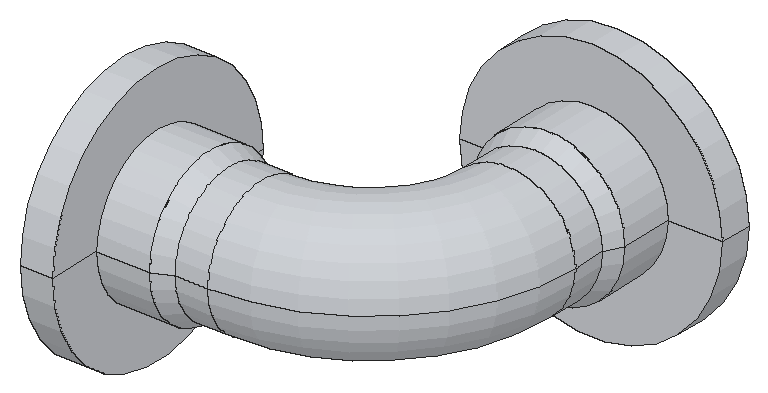
Revit family "da49b3fc36b04b8392773f37b7e509c7", category Pipe Fittings, Revit 2021
Family settings
  Round Connector Dimension = Use Radius
  Part Type = Elbow
  OmniClass Number = 23.60.30.11.14
  OmniClass Title = Pipework Fittings
  Seek Item ID = Elbow - Threaded - MI - Class 300-0000-USA-ENU
  Work Plane-Based = No
  Always vertical = Yes
  Cut with Voids When Loaded = No
  Shared = No
Parameters (values of type "Standard")
  Tick Size [instance] = Fitting Outside Diameter * 0.4  # 1.5840"
  Socket Outside Radius [instance] = Socket Outside Diameter / 2  # 2.2400"
  Socket Outside Diameter [instance] = size_lookup(Lookup Table Name, "SOD", 1.08 * Nominal Diameter + 1.1200", Nominal Diameter)  # 4.4800"
  Socket Depth [instance] = if(Nominal Diameter < 14.0000", 2.5000", if(Nominal Diameter < 30.0000", 3.5000", 4.0000"))  # 2.5000"
  Lookup Table Name = "Bend - MJ - GI - Class 250"
  Length 5 [instance] = Length 4 + Bevel Length + Socket Depth  # 4.0000"
  Length 4 [instance] = if(Center to Socket Bottom < (Bevel Length + Length 1), 0.5000", Center to Socket Bottom - Bevel Length - Length 1)  # 0.9800"
  Length 3 [instance] = sin(Angle) * (Center to Socket Bottom + Socket Depth)  # 8.0000"
  Length 2 [instance] = cos(Angle) * (Center to Socket Bottom + Socket Depth)  # 0.0000"
  Length 1 [instance] = tan(Angle / 2) * Center Radius  # 4.0000"
  Fitting Outside Radius [instance] = Fitting Outside Diameter / 2  # 1.9800"
  Fitting Outside Diameter [instance] = size_lookup(Lookup Table Name, "FOD", 1.04 * Nominal Diameter + 0.7000", Nominal Diameter)  # 3.9600"
  Nominal Radius [instance] = 1.5000"
  Nominal Diameter [instance] = Nominal Radius * 2  # 3.0000"
  Loss Method = K Coefficient from Table
  K Coefficient Table = "Long Radius Elbow"
  Default Elevation = 0.0000"
  Bevel Length [instance] = size_lookup(Lookup Table Name, "BvLgt", 0.04 * Nominal Diameter + 0.4300", Nominal Diameter)  # 0.5200"
  Center to Socket Bottom [instance] = size_lookup(Lookup Table Name, "CtSB", Center to Socket Bottom Not Found, Nominal Diameter, Angle 1)  # 5.5000"
  Center to Socket Bottom Not Found [instance] = if(Nominal Diameter < 30.0000", tan(Angle / 2) * Center Radius + Bevel Length + 1.0000", tan(Angle / 2) * Center Radius + Bevel Length + 6.0000")  # 5.5200"
  Center Radius [instance] = size_lookup(Lookup Table Name, "CRad", 0.69 * Nominal Diameter + 1.8100", Nominal Diameter, Angle 1)  # 4.0000"
  Gland Width [instance] = size_lookup(Lookup Table Name, "GWid", 0.03 * Nominal Diameter + 0.9400", Nominal Diameter)  # 0.9400"
  Gland Outside Radius [instance] = Gland Outside Diameter / 2  # 3.8450"
  Gland Outside Diameter [instance] = size_lookup(Lookup Table Name, "GOD", 1.16 * Nominal Diameter + 4.0300", Nominal Diameter)  # 7.6900"
  Assembly Code = ""
  Angle 1 [instance] = if(or(Angle < 11.25°, Angle = 11.25°), 11.25°, if(or(Angle < 22.50°, Angle = 22.50°), 22.50°, if(or(Angle < 45.00°, Angle = 45.00°), 45.00°, Angle)))  # 90.00°
  Angle [instance] = 90.00°
Reference planes (in)
  plane 1 "Center (Front/Back)": y = 0
  plane 2: z = 0
  plane 3 "Center (Left/Right)": x = 0
  plane 4: x = -4
  plane 5: x = -4.98
  plane 6: y = 4
  plane 7: y = 1.584
  plane 8: y = -1.584
  plane 9: x = 0
  plane 10: y = 8
  plane 11: x = -8
  plane 12: x = -7.06
  plane 13: y = 3.845
  plane 14: y = 2.24
  plane 15: y = 1.98
  plane 16: x = -5.5
Forms (in)
  Revolve 1, solid, detail levels fine
    sketch origin (0, 8, 0) x (0, -1, 0) y (1, 0, 0)
      loop
        line (0, 0) -> (0, -3.845) -> (0.94, -3.845) -> (0.94, -2.24) -> (2.5, -2.24) -> (3.02, -1.98) -> (4, -1.98) -> (4, 0) -> (0, 0)
      axis (0, 0) -> (4, 0)
    angle from 0 to 360
  Revolve 2, solid, detail levels fine
    sketch origin (0, 0, 0) x (1, 0, 0) y (0, 1, 0)
      loop
        line (-8, 0) -> (-4, 0) -> (-4, 1.98) -> (-4.98, 1.98) -> (-5.5, 2.24) -> (-7.06, 2.24) -> (-7.06, 3.845) -> (-8, 3.845) -> (-8, 0)
      axis (-8, 0) -> (-4, 0)
    angle from 0 to 360
  Sweep 3, solid, detail levels fine
    path origin (0, 8, 0) x (0, -1, 0) y (1, 0, 0)
      loop
        arc (8, -4) -> (6.82843, -1.17157) -> (4, 0) r 4
    profile origin (-1.17157, 1.17157, 0) x (-0.707107, 0.707107, 0) y (0, 0, 1)
      loop
        circle (0, 0) r 1.98
  Sweep 4, solid, detail levels fine
    path in 3D
      loop
        arc (-4, 0, 0) -> (-1.17157, 1.17157, 0) -> (0, 4, 0) r 4
    profile origin (-1.17157, 1.17157, 0) x (-0.707107, 0.707107, 0) y (0, 0, 1)
      loop
        circle (0, 0) r 1.98
Cuts and joins
  joined: Revolve 1, Revolve 2, Sweep 3
Lines and regions (in)
  model lines, style "PipeFitting", detail levels coarse+medium
    curve 1: line (-8, 0, 0) -> (-4, 0, 0)
    curve 2: line (0, 4, 0) -> (0, 8, 0)
  model lines, detail levels coarse+medium
    curve 3: line (-8, 0, 0) -> (-8, 1.584, 0)
    curve 4: line (-8, 0, 0) -> (-8, -1.584, 0)
    curve 5: line (0, 8, 0) -> (-1.584, 8, 0)
    curve 6: line (0, 8, 0) -> (1.584, 8, 0)
    curve 8: arc (-4, 0, 0) -> (-1.17157, 1.17157, 0) -> (0, 4, 0) r 4
  reference lines, not visible
    curve 7: line (0, 8, 0) -> (0, 0.68528, 0)
  sketch lines
    curve 9: arc (-4, 0, 0) -> (-1.17157, 1.17157, 0) -> (0, 4, 0) r 4
Dimensions and locks (in)
  "Center Radius": plane 6 to plane 1 "Center (Front/Back)"
  "Tick Size": plane 7 to plane 1 "Center (Front/Back)"
  "Tick Size": plane 8 to plane 1 "Center (Front/Back)"
  "Tick Size": curve 5 to curve 5
  "Tick Size": curve 6 to curve 6
  "Socket Outside Radius": Revolve 1 sketch curve to Revolve 1 sketch curve
  "Gland Width": Revolve 1 sketch curve to Revolve 1 sketch curve
  "Fitting Outside Radius": Revolve 1 sketch curve to Revolve 1 sketch curve
  "Gland Outside Radius": Revolve 1 sketch curve to Revolve 1 sketch curve
  "Socket Depth": Revolve 1 sketch curve to Revolve 1 sketch curve
  "Length 1": plane 4 to plane 3 "Center (Left/Right)"
  "Length 3": plane 10 to plane 1 "Center (Front/Back)"
  "Gland Width": plane 11 to plane 12
  "Fitting Outside Radius": plane 15 to plane 1 "Center (Front/Back)"
  "Socket Outside Radius": plane 14 to plane 1 "Center (Front/Back)"
  "Gland Outside Radius": plane 13 to plane 1 "Center (Front/Back)"
  "Bevel Length": plane 16 to plane 5
  "Socket Depth": plane 11 to plane 16
  "Center to Socket Bottom": plane 16 to plane 3 "Center (Left/Right)"
  "Length 2": plane 3 "Center (Left/Right)" to plane 9
  "Length 5": Revolve 1 sketch curve to Revolve 1 sketch curve
  "Length 4": Revolve 1 sketch curve to Revolve 1 sketch curve
  "Length 5": curve 2 to curve 2
  "Fitting Outside Radius": radius of Sweep 3 sketch curve
  "Center Radius": radius of curve 8
  "Fitting Outside Radius": radius of Sweep 4 sketch curve
  "Angle": angle plane 1 "Center (Front/Back)" to curve 2
  locked: curve 6 to curve 2 (angle 90.00°)
  locked: curve 2 to curve 5 (angle 90.00°)
  "Angle": angle plane 10 to curve 7
  "Angle": angle curve 8 to curve 8
  aligned and locked: plane 7 to curve 3
  aligned and locked: plane 1 "Center (Front/Back)" to curve 4
  aligned and locked: plane 8 to curve 4
  aligned and locked: plane 9 to curve 7
  aligned and locked: plane 10 to curve 7
  aligned and locked: Revolve 1 sketch curve to curve 7
  aligned and locked: curve 4 to plane 11
  aligned and locked: plane 13 to Revolve 2 sketch curve
  aligned and locked: plane 11 to Revolve 2 sketch curve
  aligned and locked: Revolve 2 sketch curve to plane 12
  aligned and locked: plane 14 to Revolve 2 sketch curve
  aligned and locked: Revolve 2 sketch curve to plane 4
  aligned and locked: plane 16 to Revolve 2 sketch curve
  aligned and locked: plane 5 to Revolve 2 sketch curve
  aligned and locked: Revolve 2 sketch curve to plane 15
  aligned and locked: plane 6 to Sweep 3 sketch curve
  aligned and locked: plane 4 to Sweep 3 sketch curve
  aligned and locked: cut or joined group of Revolve 1, Revolve 2, Sweep 3 to Sweep 3 sketch curve  (x2)
  aligned and locked: plane 2 to Sweep 3 sketch curve
  aligned and locked: plane 6 to curve 8
  aligned and locked: plane 4 to curve 8
  aligned and locked: plane 2 to Sweep 4 sketch curve
Automatic sketch dimensions
  curve 2 to plane 10 = 0.0000"
  plane 1 "Center (Front/Back)" to Revolve 2 sketch curve = 0.0000"  (x2)
  Revolve 2 sketch curve to plane 4 = 0.0000"
  Revolve 2 sketch curve to plane 11 = 0.7500"
  Revolve 1 sketch curve to curve 7 = 0.0000"  (x2)
  Revolve 1 sketch curve to Revolve 1 sketch curve = 1.0000"
  Revolve 1 sketch curve to Revolve 1 sketch curve = 0.78127"
  curve 1 to plane 4 = 0.0000"
  curve 5 to plane 9 = 0.0000"
  Sweep 3 sketch curve to curve 7 = 0.0000"
  Sweep 3 sketch curve to profile plane = 0.0000"
  Sweep 4 sketch curve to profile plane = 0.0000"
Connectors (in)
  piping at (-8, 0, 0), diameter 3, driven by "Angle", driven by "Nominal Radius"
    settings: on Revolve 2, index 1, connector inside diameter 3.0000", connector length 0.0000", flow factor 0, pipe flow 0 GPM, pressure drop 0.00 psi, fitting loss kfactor 0, connector angle 90.00°, fixture units 0, engagement length 0.0000", angle of deflection 0.00°, flow configuration 0, flow direction 0, fitting loss method 0, system type 28, joint type 0, gender type 0, connector reference index 2, connector utility 0, adjustable connector no, is connector primary yes, connector description ""
  piping at (0, 8, 0), diameter 3, driven by "Angle", driven by "Nominal Radius"
    settings: on Revolve 1, index 2, connector inside diameter 3.0000", connector length 0.0000", flow factor 0, pipe flow 0 GPM, pressure drop 0.00 psi, fitting loss kfactor 0, connector angle 90.00°, fixture units 0, engagement length 0.0000", angle of deflection 0.00°, flow configuration 0, flow direction 0, fitting loss method 0, system type 28, joint type 0, gender type 0, connector reference index 1, connector utility 0, adjustable connector no, is connector primary no, connector description ""
